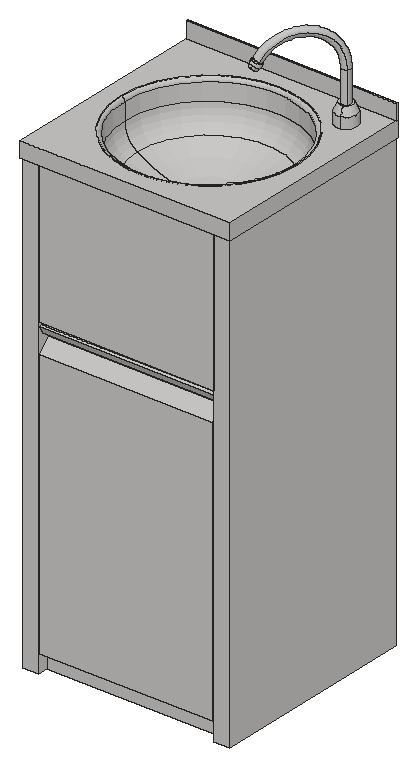
Revit family "QF_ELECTROLUXPROFESSIONAL_132954_NHWSB40", category Attrezzature speciali, Revit 2020
Family settings
  Quota connettore circolare = Usa diametro
  Tipo di parte = Normale
  Basato su piano di lavoro = No
  Sempre verticale = Sì
  Taglio con vuoti quando caricato = No
  Condiviso = No
  Punto di calcolo locali = No
Parameters (values of type "Standard")
  Weight = 20.00 kg
  Watts = 0 W
  Volts = 0 V
  URL Manufacturer = "https://www.electroluxprofessional.com/"
  URL = "https://www.electroluxprofessional.com/"
  Steam Supply Size = 0 mm
  Steam Supply Minimum Pressure = 0.0 Pa
  Steam Supply Maximum Pressure = 0.0 Pa
  Steam Consumption per Hour = 0
  Refrigeration Suction Line Size = 0.0 mm
  Refrigeration Liquid Line Size = 0.0 mm
  Refrigerant Compressor Remote = yes
  Prospetto di default = 0.0 mm
  Phase = 0
  Modello = "NHWSB40"
  Produttore = "Electrolux Professional"
  Length Actual = 400.0 mm  # constant formula
  Item Number = "132954"
  Hot Water Size = 12.7 mm
  Height Actual = 900.0 mm  # constant formula
  HP = "0 HP"
  Gas Size = 0 mm
  Gas KW = 0
  Gas Input Pressure = 0 W
  Direct Waste Size = 139.7 mm
  Descrizione = "FREE-STANDING HAND WASH BASIN WITH WASTE CABINET, KNEE-OPERATED, 1 BOWL, MIXER SPOUT AND DRAIN HOLE"
  Depth Actual = 400.0 mm  # constant formula
  Cycle = 0 Hz
  Condensate Return Size = 0 mm
  Compressed Air Volume = 0.0 L/s
  Compressed Air Size = 0 mm
  Compressed Air Pressure = 0.0 Pa
  Cold Water Size = 12.7 mm
  Accessory = yes
Reference planes
  plane 1 "Center (Front/Back)": y = 0
  plane 2: z = 0
  plane 3 "BACK": y = 200
  plane 4 "FRONT": y = -200
  plane 5 "TOP": z = 900
  plane 6: x = -956.5
  plane 7 "BaseTop": z = 870
  plane 8: x = -556.5
  plane 9 "Center (Left/Right)": x = -756.5
  plane 10 "Drain Z": z = 660
  plane 11: z = 930
  plane 12 "FondoLavello": z = 777.601
  plane 13: y = 145.319
  plane 14: x = -611.483
  plane 15 "DrainX": x = -833.5
Forms (mm)
  Extrusion 1, solid, material "QF_Finishes_Stainless Steel"
    sketch origin (0, 0, 870) x (-1, 0, 0) y (0, -1, 0)
      loop
        line (956.5, -200) -> (956.5, 200) -> (556.5, 200) -> (556.5, -200) -> (956.5, -200)
      loop
        circle (611.483, -145.319) r 9.014
      loop
        circle (756.5, 0) r 168
    from 0 to 30
  Extrusion 2, solid, material "QF_Finishes_Stainless Steel"
    sketch origin (0, 0, 0) x (1, 0, 0) y (0, 1, 0)
      loop
        line (-923.5, 170) -> (-589.5, 170) -> (-589.5, -197) -> (-559.5, -197) -> (-559.5, 200) -> (-953.5, 200) -> (-953.5, -197) -> (-923.5, -197) -> (-923.5, 170)
    from 0 to 870
  Extrusion 3, solid, material "QF_Finishes_Stainless Steel"
    sketch origin (0, 0, 0) x (1, 0, 0) y (0, 1, 0)
      loop
        line (-923.5, 170) -> (-923.5, -177) -> (-589.5, -177) -> (-589.5, 170) -> (-923.5, 170)
    from 0 to 30
  Extrusion 4, solid, material "QF_Finishes_Stainless Steel"
    sketch origin (-756.5, 0, -115) x (0, 0, -1) y (0, -1, 0)
      loop
        line (-710, 172) -> (-150, 172) -> (-150, 197) -> (-660, 197) -> (-682.5, 174.5) -> (-707.5, 174.5) -> (-707.5, 191.722) -> (-706.755, 193.013) -> (-695.76, 186.665) -> (-694.51, 188.83) -> (-707.5, 196.33) -> (-710, 192) -> (-710, 172)
    from -165 to 165
  Extrusion 5, solid, material "QF_Finishes_Stainless Steel"
    sketch origin (-756.5, 0, 0) x (0, 0, -1) y (0, -1, 0)
      loop
        line (-600, 197) -> (-870, 197) -> (-870, 172) -> (-600, 172) -> (-600, 197)
    from -167 to 167
  Extrusion 6, solid, material "QF_Door-Drawer Clearances", detail levels coarse
    sketch origin (-756.5, 0, 0) x (0, 0, -1) y (0, -1, 0)
      loop
        line (-552.609, 357.732) -> (-562.251, 369.223) -> (-566.081, 366.009) -> (-572.921, 347.215)
        arc (-572.921, 347.215) -> (-591.566, 273.23) -> (-594.805, 197) r 373.932
        line (-594.805, 197) -> (-87.113, 197) -> (-517.386, 353.606) -> (-546.225, 340.159) -> (-569.717, 348.709) -> (-563.827, 364.893) -> (-562.685, 365.851) -> (-554.524, 356.125) -> (-552.609, 357.732)
    from -165 to 165
  Revolve 7, solid, material "QF_Finishes_Stainless Steel"
    sketch origin (0, 0, 0) x (1, 0, 0) y (0, 0, 1)
      loop
        arc (-917.53, 893) -> (-919.572, 897.928) -> (-924.5, 899.97) r 6.97
        line (-924.5, 899.97) -> (-924.5, 895) -> (-922.501, 895) -> (-922.501, 859.414)
        arc (-922.501, 859.414) -> (-915.312, 831.717) -> (-895.561, 811.013) r 56.948
        arc (-895.561, 811.013) -> (-840.753, 785.213) -> (-781.505, 772.59) r 263.902
        line (-781.505, 772.59) -> (-781.505, 777.601)
        arc (-781.505, 777.601) -> (-839.395, 790.016) -> (-892.95, 815.258) r 258.912
        arc (-892.95, 815.258) -> (-910.971, 834.149) -> (-917.53, 859.421) r 51.963
        line (-917.53, 859.421) -> (-917.53, 893)
      axis (-756.5, 772.59) -> (-756.5, 899.97)
    angle from 0 to 360
  Extrusion 8, solid, material "QF_Finishes_Stainless Steel"
    sketch origin (0, 0, 777.601) x (-1, 0, 0) y (0, -1, 0)
      loop
        circle (756.5, 0) r 25.005
      loop
        circle (756.5, 0) r 5
      loop
        line (753.407, -8.499) -> (749.22, -20.001)
        arc (749.22, -20.001) -> (756.5, -21.285) -> (763.78, -20.001) r 21.285
        line (763.78, -20.001) -> (759.593, -8.499)
        arc (759.593, -8.499) -> (756.5, -9.045) -> (753.407, -8.499) r 9.045
      loop
        arc (753.407, 8.499) -> (756.5, 9.045) -> (759.593, 8.499) r 9.045
        line (759.593, 8.499) -> (763.78, 20.001)
        arc (763.78, 20.001) -> (756.5, 21.285) -> (749.22, 20.001) r 21.285
        line (749.22, 20.001) -> (753.407, 8.499)
      loop
        line (762.314, -6.929) -> (770.181, -16.305)
        arc (770.181, -16.305) -> (774.933, -10.642) -> (777.461, -3.696) r 21.285
        line (777.461, -3.696) -> (765.407, -1.571)
        arc (765.407, -1.571) -> (764.333, -4.522) -> (762.314, -6.929) r 9.045
      loop
        arc (747.593, 1.571) -> (748.667, 4.522) -> (750.686, 6.929) r 9.045
        line (750.686, 6.929) -> (742.819, 16.305)
        arc (742.819, 16.305) -> (738.067, 10.642) -> (735.539, 3.696) r 21.285
        line (735.539, 3.696) -> (747.593, 1.571)
      loop
        line (765.407, 1.571) -> (777.461, 3.696)
        arc (777.461, 3.696) -> (774.933, 10.642) -> (770.181, 16.305) r 21.285
        line (770.181, 16.305) -> (762.314, 6.929)
        arc (762.314, 6.929) -> (764.333, 4.522) -> (765.407, 1.571) r 9.045
      loop
        arc (750.686, -6.929) -> (748.667, -4.522) -> (747.593, -1.571) r 9.045
        line (747.593, -1.571) -> (735.539, -3.696)
        arc (735.539, -3.696) -> (738.067, -10.642) -> (742.819, -16.305) r 21.285
        line (742.819, -16.305) -> (750.686, -6.929)
    from -5.011 to 0
  Extrusion 9, solid, material "QF_Finishes_Stainless Steel"
    sketch origin (0, 0, 870) x (-1, 0, 0) y (0, -1, 0)
      loop
        circle (620.497, -145.319) r 5
      loop
        circle (602.468, -145.319) r 5
    from 0 to 30
  Extrusion 10, void
    sketch origin (0, 200, 0) x (-1, 0, 0) y (0, 0, 1)
      loop
        circle (833.5, 660) r 22
    from -30 to 0
  Extrusion 11, solid, material "QF_Finishes_Stainless Steel"
    sketch origin (0, 200, 0) x (-1, 0, 0) y (0, 0, 1)
      loop
        circle (833.5, 660) r 20
      loop
        circle (833.5, 660) r 18
    from -30 to 0
  Extrusion 12, solid, material "QF_Finishes_Stainless Steel"
    sketch origin (-756.5, 0, 0) x (0, 0, -1) y (0, -1, 0)
      loop
        line (-930, -200) -> (-900, -200) -> (-900, -197) -> (-930, -197) -> (-930, -200)
    from -200 to 200
Cuts and joins
  Extrusion 10 cuts Extrusion 2
Lines and regions (mm)
  symbolic lines, style "SpecialityEquipment"
    curve 1: line (-956.5, 200, 870) -> (-556.5, 200, 870)
    curve 2: line (-956.5, -200, 870) -> (-956.5, 200, 870)
    curve 3: line (-556.5, -200, 870) -> (-956.5, -200, 870)
    curve 4: line (-556.5, 200, 870) -> (-556.5, -200, 870)
  symbolic lines, style "SpecialityEquipmentHiddenLines"
    curve 5: line (-921.5, -200, 870) -> (-921.5, -369.223, 870)
    curve 6: line (-921.5, -369.223, 870) -> (-591.5, -369.223, 870)
    curve 7: line (-591.5, -369.223, 870) -> (-591.5, -200, 870)
  symbolic lines
    curve 8: arc (-626.646, 106.592, 870) -> (-880.827, -112.99, 870) -> (-638.014, 119.101, 870) r 168
    curve 9: circle (-756.5, 0, 870) r 25.005 normal (0, 0, 1)
    curve 10: circle (-756.5, 0, 870) r 5 normal (0, 0, 1)
    curve 11: arc (-753.407, 8.499, 870) -> (-756.5, 9.045, 870) -> (-759.593, 8.499, 870) r 9.045
    curve 12: line (-749.22, 20.001, 870) -> (-753.407, 8.499, 870)
    curve 13: line (-759.593, 8.499, 870) -> (-763.78, 20.001, 870)
    curve 14: arc (-763.78, 20.001, 870) -> (-756.5, 21.285, 870) -> (-749.22, 20.001, 870) r 21.285
    curve 15: line (-770.181, 16.305, 870) -> (-762.314, 6.929, 870)
    curve 16: line (-765.407, 1.571, 870) -> (-777.461, 3.696, 870)
    curve 17: line (-777.461, -3.696, 870) -> (-765.407, -1.571, 870)
    curve 18: line (-762.314, -6.929, 870) -> (-770.181, -16.305, 870)
    curve 19: line (-763.78, -20.001, 870) -> (-759.593, -8.499, 870)
    curve 20: line (-753.407, -8.499, 870) -> (-749.22, -20.001, 870)
    curve 21: line (-742.819, -16.305, 870) -> (-750.686, -6.929, 870)
    curve 22: line (-747.593, -1.571, 870) -> (-735.539, -3.696, 870)
    curve 23: line (-735.539, 3.696, 870) -> (-747.593, 1.571, 870)
    curve 24: line (-750.686, 6.929, 870) -> (-742.819, 16.305, 870)
    curve 25: arc (-742.819, 16.305, 870) -> (-738.067, 10.642, 870) -> (-735.539, 3.696, 870) r 21.285
    curve 26: arc (-747.593, 1.571, 870) -> (-748.667, 4.522, 870) -> (-750.686, 6.929, 870) r 9.045
    curve 27: arc (-750.686, -6.929, 870) -> (-748.667, -4.522, 870) -> (-747.593, -1.571, 870) r 9.045
    curve 28: arc (-735.539, -3.696, 870) -> (-738.067, -10.642, 870) -> (-742.819, -16.305, 870) r 21.285
    curve 29: arc (-749.22, -20.001, 870) -> (-756.5, -21.285, 870) -> (-763.78, -20.001, 870) r 21.285
    curve 30: arc (-759.593, -8.499, 870) -> (-756.5, -9.045, 870) -> (-753.407, -8.499, 870) r 9.045
    curve 31: arc (-765.407, -1.571, 870) -> (-764.333, -4.522, 870) -> (-762.314, -6.929, 870) r 9.045
    curve 32: arc (-770.181, -16.305, 870) -> (-774.933, -10.642, 870) -> (-777.461, -3.696, 870) r 21.285
    curve 33: arc (-762.314, 6.929, 870) -> (-764.333, 4.522, 870) -> (-765.407, 1.571, 870) r 9.045
    curve 34: arc (-777.461, 3.696, 870) -> (-774.933, 10.642, 870) -> (-770.181, 16.305, 870) r 21.285
    curve 35: line (-956.5, 197, 870) -> (-556.5, 197, 870)
Dimensions and locks
  plane 3 "BACK" to plane 4 "FRONT" = 400.0 mm
  equal spacing: plane 3 "BACK", plane 1 "Center (Front/Back)", plane 4 "FRONT"
  plane 5 "TOP" to level = 900.0 mm
  equal spacing: plane 6, plane 9 "Center (Left/Right)", plane 8
  locked: plane 6 to plane 8 at 400
  plane 10 "Drain Z" to level = 660.0 mm
  plane 11 to plane 5 "TOP" = 30.0 mm
  plane 6 to plane 15 "DrainX" = 123.0 mm
  aligned and locked: level to plane 2
  aligned and locked: plane 5 "TOP" to Extrusion 1
  aligned and locked: plane 7 "BaseTop" to Extrusion 2
Automatic sketch dimensions
  Extrusion 1 sketch curve to plane 3 "BACK" = 0.0 mm
  Extrusion 1 sketch curve to plane 8 = 0.0 mm
  Extrusion 1 sketch curve to plane 4 "FRONT" = 0.0 mm
  Extrusion 1 sketch curve to plane 6 = 0.0 mm
  plane 8 to Extrusion 1 sketch curve = 54.983 mm
  Extrusion 1 sketch curve to plane 3 "BACK" = 54.681 mm
  Extrusion 2 sketch curve to plane 3 "BACK" = 0.0 mm
  plane 6 to Extrusion 2 sketch curve = 33.0 mm
  plane 8 to Extrusion 2 sketch curve = 33.0 mm
  plane 8 to Extrusion 2 sketch curve = 3.0 mm
  Extrusion 2 sketch curve to plane 3 "BACK" = 30.0 mm
  plane 4 "FRONT" to Extrusion 2 sketch curve = 3.0 mm  (x2)
  plane 6 to Extrusion 2 sketch curve = 3.0 mm
  plane 4 "FRONT" to Extrusion 3 sketch curve = 23.0 mm
  plane 6 to Extrusion 3 sketch curve = 33.0 mm
  plane 8 to Extrusion 3 sketch curve = 33.0 mm
  Extrusion 3 sketch curve to plane 3 "BACK" = 30.0 mm
  level to Extrusion 4 sketch curve = 595.0 mm
  Extrusion 4 sketch curve to Extrusion 4 sketch curve = 2.5 mm  (x2)
  Extrusion 4 sketch curve to Extrusion 4 sketch curve = 11.74 mm
  Extrusion 4 sketch curve to Extrusion 4 sketch curve = 1.25 mm
  Extrusion 4 sketch curve to Extrusion 4 sketch curve = 34.51 mm
  level to Extrusion 4 sketch curve = 35.0 mm
  plane 4 "FRONT" to Extrusion 4 sketch curve = 28.0 mm
  Extrusion 4 sketch curve to Extrusion 4 sketch curve = 25.0 mm
  Extrusion 4 sketch curve to Extrusion 4 sketch curve = 0.745 mm
  Extrusion 4 sketch curve to Extrusion 4 sketch curve = 13.26 mm
  Extrusion 4 sketch curve to Extrusion 4 sketch curve = 12.165 mm
  Extrusion 4 sketch curve to Extrusion 4 sketch curve = 1.291 mm
  Extrusion 4 sketch curve to Extrusion 4 sketch curve = 0.278 mm
  Extrusion 5 sketch curve to plane 7 "BaseTop" = 0.0 mm
  plane 4 "FRONT" to Extrusion 5 sketch curve = 28.0 mm
  Extrusion 5 sketch curve to plane 10 "Drain Z" = 60.0 mm
  plane 4 "FRONT" to Extrusion 5 sketch curve = 3.0 mm
  plane 1 "Center (Front/Back)" to Extrusion 1 sketch curve = 0.0 mm
  Extrusion 1 sketch curve to plane 9 "Center (Left/Right)" = 0.0 mm
  Extrusion 6 sketch curve to plane 10 "Drain Z" = 90.283 mm
  Extrusion 6 sketch curve to Extrusion 6 sketch curve = 3.636 mm
  Extrusion 6 sketch curve to Extrusion 6 sketch curve = 2.254 mm
  Extrusion 6 sketch curve to Extrusion 6 sketch curve = 1.142 mm
  Extrusion 6 sketch curve to Extrusion 6 sketch curve = 0.434 mm
  Extrusion 6 sketch curve to Extrusion 6 sketch curve = 8.161 mm
  Extrusion 6 sketch curve to Extrusion 6 sketch curve = 1.915 mm
  Extrusion 6 sketch curve to Extrusion 6 sketch curve = 8.299 mm
  Extrusion 6 sketch curve to Extrusion 6 sketch curve = 28.839 mm
  Extrusion 6 sketch curve to plane 4 "FRONT" = 19.323 mm
  level to Extrusion 6 sketch curve = 221.54 mm
  plane 4 "FRONT" to Extrusion 6 sketch curve = 3.0 mm
  level to Extrusion 6 sketch curve = 87.113 mm
  Extrusion 6 sketch curve to plane 4 "FRONT" = 140.159 mm
  Extrusion 6 sketch curve to Extrusion 6 sketch curve = 8.551 mm
  Extrusion 6 sketch curve to Extrusion 6 sketch curve = 13.448 mm
  Extrusion 6 sketch curve to Extrusion 6 sketch curve = 8.768 mm
  Extrusion 6 sketch curve to Extrusion 6 sketch curve = 3.204 mm
  Extrusion 6 sketch curve to plane 10 "Drain Z" = 65.195 mm
  Revolve 7 sketch curve to plane 5 "TOP" = 0.03 mm
  plane 9 "Center (Left/Right)" to Revolve 7 sketch curve = 0.0 mm
  plane 9 "Center (Left/Right)" to Revolve 7 sketch curve = 0.002 mm
  Revolve 7 sketch curve to Revolve 7 sketch curve = 0.011 mm
  plane 9 "Center (Left/Right)" to Revolve 7 sketch curve = 25.005 mm
  Revolve 7 sketch curve to plane 7 "BaseTop" = 10.586 mm
  plane 6 to Revolve 7 sketch curve = 90.947 mm
  Revolve 7 sketch curve to Revolve 7 sketch curve = 0.015 mm
  Revolve 7 sketch curve to plane 7 "BaseTop" = 10.579 mm
  plane 6 to Revolve 7 sketch curve = 38.97 mm
  Revolve 7 sketch curve to Revolve 7 sketch curve = 4.971 mm
  Revolve 7 sketch curve to Revolve 7 sketch curve = 1.999 mm
  Revolve 7 sketch curve to plane 7 "BaseTop" = 92.399 mm
  Revolve 7 sketch curve to Revolve 7 sketch curve = 5.011 mm
  plane 11 to Revolve 7 sketch curve = 105.304 mm
  Revolve 7 sketch curve to Revolve 7 sketch curve = 0.001 mm
  plane 10 "Drain Z" to Revolve 7 sketch curve = 25.0 mm
  Revolve 7 sketch curve to Revolve 7 sketch curve = 15.304 mm
  Revolve 7 sketch curve to Revolve 7 sketch curve = 2.0 mm
  Extrusion 8 sketch curve to Extrusion 8 sketch curve = 0.0 mm  (x186)
  plane 1 "Center (Front/Back)" to Extrusion 8 sketch curve = 0.0 mm
  Extrusion 8 sketch curve to plane 9 "Center (Left/Right)" = 0.0 mm
  Extrusion 8 sketch curve to plane 9 "Center (Left/Right)" = 3.093 mm  (x2)
  Extrusion 8 sketch curve to Extrusion 8 sketch curve = 2.72 mm  (x4)
  Extrusion 8 sketch curve to plane 9 "Center (Left/Right)" = 7.28 mm  (x2)
  plane 1 "Center (Front/Back)" to Extrusion 8 sketch curve = 1.571 mm  (x2)
  Extrusion 8 sketch curve to Extrusion 8 sketch curve = 3.093 mm  (x2)
  Extrusion 8 sketch curve to plane 1 "Center (Front/Back)" = 1.571 mm  (x2)
  Extrusion 8 sketch curve to Extrusion 8 sketch curve = 6.402 mm  (x4)
  Extrusion 8 sketch curve to plane 1 "Center (Front/Back)" = 3.696 mm  (x2)
  Extrusion 8 sketch curve to Extrusion 8 sketch curve = 12.054 mm  (x2)
  plane 1 "Center (Front/Back)" to Extrusion 8 sketch curve = 3.696 mm  (x2)
  plane 9 "Center (Left/Right)" to Extrusion 8 sketch curve = 3.093 mm  (x2)
  plane 9 "Center (Left/Right)" to Extrusion 8 sketch curve = 7.28 mm  (x2)
  Extrusion 8 sketch curve to Extrusion 8 sketch curve = 3.696 mm  (x2)
  Extrusion 8 sketch curve to Extrusion 8 sketch curve = 1.571 mm  (x2)
  Extrusion 9 sketch curve to plane 13 = 0.0 mm  (x2)
  Extrusion 9 sketch curve to plane 14 = 9.014 mm
  plane 14 to Extrusion 9 sketch curve = 9.014 mm
  Extrusion 10 sketch curve to plane 10 "Drain Z" = 0.0 mm
  Extrusion 10 sketch curve to plane 15 "DrainX" = 0.0 mm
  Extrusion 11 sketch curve to plane 10 "Drain Z" = 0.0 mm
  Extrusion 11 sketch curve to plane 15 "DrainX" = 0.0 mm
  Extrusion 11 sketch curve to Extrusion 11 sketch curve = 0.0 mm  (x2)
  Extrusion 12 sketch curve to plane 11 = 0.0 mm
  Extrusion 12 sketch curve to plane 5 "TOP" = 0.0 mm
  Extrusion 12 sketch curve to plane 3 "BACK" = 0.0 mm
  Extrusion 12 sketch curve to Extrusion 12 sketch curve = 3.0 mm
  curve 8 to curve 9 = 0.0 mm  (x2)
  curve 8 to curve 10 = 0.0 mm  (x2)
  curve 8 to curve 11 = 0.0 mm
  curve 9 to curve 14 = 0.0 mm
  curve 11 to curve 14 = 0.0 mm  (x2)
  curve 11 to curve 25 = 0.0 mm  (x2)
  curve 11 to curve 26 = 0.0 mm  (x2)
  curve 26 to curve 34 = 0.0 mm  (x2)
  curve 27 to curve 34 = 0.0 mm  (x2)
  curve 28 to curve 34 = 0.0 mm  (x2)
  curve 29 to curve 34 = 0.0 mm  (x2)
  curve 30 to curve 34 = 0.0 mm  (x2)
  curve 31 to curve 34 = 0.0 mm  (x2)
  curve 32 to curve 34 = 0.0 mm  (x2)
  curve 33 to curve 34 = 0.0 mm  (x2)
  curve 1 to plane 3 "BACK" = 0.0 mm
  curve 1 to plane 8 = 0.0 mm
  curve 7 to plane 4 "FRONT" = 0.0 mm
  plane 1 "Center (Front/Back)" to curve 32 = 0.0 mm
  curve 32 to plane 9 "Center (Left/Right)" = 0.0 mm
  curve 35 to plane 6 = 0.0 mm
  curve 6 to plane 14 = 19.983 mm
  curve 23 to plane 1 "Center (Front/Back)" = 3.696 mm
  curve 23 to plane 9 "Center (Left/Right)" = 20.961 mm
  plane 1 "Center (Front/Back)" to curve 22 = 3.696 mm
  curve 22 to curve 25 = 0.0 mm
  curve 21 to plane 9 "Center (Left/Right)" = 13.681 mm
  curve 24 to plane 9 "Center (Left/Right)" = 13.681 mm
  plane 1 "Center (Front/Back)" to curve 22 = 1.571 mm
  curve 22 to plane 9 "Center (Left/Right)" = 8.907 mm
  curve 23 to plane 1 "Center (Front/Back)" = 1.571 mm
  curve 23 to curve 27 = 0.0 mm
  curve 12 to plane 9 "Center (Left/Right)" = 7.28 mm
  curve 20 to plane 9 "Center (Left/Right)" = 7.28 mm
  curve 21 to plane 9 "Center (Left/Right)" = 5.814 mm
  curve 24 to plane 9 "Center (Left/Right)" = 5.814 mm
  curve 20 to plane 9 "Center (Left/Right)" = 3.093 mm
  curve 12 to plane 9 "Center (Left/Right)" = 3.093 mm
  plane 9 "Center (Left/Right)" to curve 13 = 3.093 mm
  plane 9 "Center (Left/Right)" to curve 19 = 3.093 mm
  curve 30 to curve 18 = 2.72 mm
  curve 11 to curve 15 = 2.72 mm
  plane 9 "Center (Left/Right)" to curve 19 = 7.28 mm
  plane 9 "Center (Left/Right)" to curve 13 = 7.28 mm
  curve 16 to plane 1 "Center (Front/Back)" = 1.571 mm
  curve 33 to curve 16 = 3.093 mm
  plane 1 "Center (Front/Back)" to curve 17 = 1.571 mm
  curve 17 to curve 16 = 0.0 mm
  curve 14 to curve 15 = 6.402 mm
  curve 29 to curve 18 = 6.402 mm
  plane 1 "Center (Front/Back)" to curve 17 = 3.696 mm
  curve 31 to curve 17 = 12.054 mm
  curve 16 to plane 1 "Center (Front/Back)" = 3.696 mm
  curve 16 to curve 17 = 0.0 mm
  plane 6 to curve 6 = 35.0 mm
  curve 12 to curve 25 = 3.696 mm
  curve 13 to curve 15 = 1.571 mm
  curve 18 to curve 19 = 1.571 mm
  curve 18 to curve 19 = 3.696 mm
  curve 7 to curve 6 = 169.223 mm
  plane 14 to curve 8 = 15.163 mm
  curve 8 to curve 8 = 11.368 mm
  curve 35 to plane 3 "BACK" = 3.0 mm
  curve 8 to plane 13 = 26.218 mm
  radius of Extrusion 1 sketch curve = 9.014 mm
  radius of Extrusion 1 sketch curve = 168.0 mm
  radius of Extrusion 8 sketch curve = 25.005 mm
  radius of Extrusion 8 sketch curve = 5.0 mm
  radius of Extrusion 9 sketch curve = 5.0 mm  (x2)
  radius of Extrusion 10 sketch curve = 22.0 mm
  radius of Extrusion 11 sketch curve = 20.0 mm
  radius of Extrusion 11 sketch curve = 18.0 mm
  radius of curve 9 = 25.005 mm
  radius of curve 10 = 5.0 mm
Nested families
  nested 1: "SINK_Misc" at (-611.483, 146.494, 900) x (0.848, -0.5299, 0) z (0, 0, 1), type "SINK_Misc"
Connectors
  piping at (-620.497, 145.319, 870), diameter 12.7, driven by "Hot Water Size"
    settings: on Extrusion 9, index 1, connector inside diameter 609.6 mm, connector length 0.0 mm, flow factor 0, pipe flow 0.0 L/s, pressure drop 0.0 Pa, fitting loss kfactor 0, connector angle 0.00°, fixture units 0, engagement length 0.0 mm, angle of deflection 0.00°, flow configuration 1, flow direction 1, fitting loss method 0, system type 20, joint type 0, gender type 0, connector reference index -1, connector utility 0, adjustable connector no, is connector primary yes, connector description "Hot Water Inlet"
  piping at (-602.468, 145.319, 870), diameter 12.7, driven by "Cold Water Size"
    settings: on Extrusion 9, index 2, connector inside diameter 609.6 mm, connector length 0.0 mm, flow factor 0, pipe flow 0.0 L/s, pressure drop 0.0 Pa, fitting loss kfactor 0, connector angle 0.00°, fixture units 0, engagement length 0.0 mm, angle of deflection 0.00°, flow configuration 1, flow direction 1, fitting loss method 0, system type 20, joint type 0, gender type 0, connector reference index -1, connector utility 0, adjustable connector no, is connector primary no, connector description "Cold Water Inlet"
  piping at (-833.5, 200, 660), diameter 139.7, driven by "Direct Waste Size"
    settings: on Extrusion 11, index 3, connector inside diameter 609.6 mm, connector length 0.0 mm, flow factor 0, pipe flow 0.0 L/s, pressure drop 0.0 Pa, fitting loss kfactor 0, connector angle 0.00°, fixture units 0, engagement length 0.0 mm, angle of deflection 0.00°, flow configuration 1, flow direction 2, fitting loss method 0, system type 16, joint type 0, gender type 0, connector reference index -1, connector utility 0, adjustable connector no, is connector primary no, connector description "Drain"
Definition of nested family "SINK_Misc"
  Parameters
    Default Elevation = 0.0 mm
  Reference planes
    plane 1 "Center (Front/Back)": y = 0
    plane 2: z = 0
    plane 3 "Center (Left/Right)": x = 0
    plane 4: z = 132.417
    plane 5: y = -140
  Forms (mm)
    Revolve 1, solid
      sketch origin (0, 0, 0) x (0.707107, -0.707107, 0) y (0, 0, 1)
        loop
          line (0, 0) -> (0, 35) -> (-13.322, 35) -> (-20, 20) -> (-20, 0) -> (0, 0)
        axis (0, 35) -> (0, 0)
      angle from 0 to 360
    Sweep 2, solid
      path origin (0, 0, 70) x (0, 1, 0) y (0, 0, 1)
        loop
          line (0, -35) -> (0, 25)
          arc (0, 25) -> (-55.635, 97.457) -> (-140, 62.417) r 75
      profile origin (0, 0, 65) x (0, -1, 0) y (1, 0, 0)
        loop
          circle (0, 0) r 8
    Revolve 3, solid
      sketch origin (0, 29.771, -274.217) x (0, 0.866667, -0.498887) y (0, 0.498887, 0.866667)
        loop
          line (-340.351, 259.648) -> (-340.351, 265.557)
          arc (-340.351, 265.557) -> (-340.776, 266.459) -> (-341.572, 267.059) r 2.074
          line (-341.572, 267.059) -> (-341.999, 267.719) -> (-349.999, 267.719) -> (-349.999, 253.002) -> (-343.599, 253.002)
          arc (-343.599, 253.002) -> (-342.92, 253.216) -> (-342.486, 253.782) r 1.185
          line (-342.486, 253.782) -> (-340.351, 259.648)
        axis (-349.999, 267.719) -> (-349.999, 253.002)
      angle from 0 to 360
  Lines and regions (mm)
    symbolic lines
      curve 1: arc (-8, -18.33, 0) -> (0, 20, 0) -> (8, -18.33, 0) r 20
      curve 2: arc (8, -10.652, 0) -> (0, 13.322, 0) -> (-8, -10.652, 0) r 13.322
      curve 3: spline (8, -140, 0) -> (7.727, -141.794, 0) -> (6.928, -143.467, 0) -> (5.657, -144.903, 0) -> (4, -146.004, 0) -> (2.071, -146.697, 0) -> (0, -146.933, 0) -> (-2.071, -146.697, 0) -> (-4, -146.004, 0) -> (-5.657, -144.903, 0) -> (-6.928, -143.467, 0) -> (-7.727, -141.794, 0) -> (-8, -140, 0)
      curve 4: spline (-8, -136.404, 0) -> (-9.389, -139.151, 0) -> (-9.57, -142.147, 0) -> (-8.519, -145.005, 0) -> (-6.372, -147.358, 0) -> (-3.405, -148.903, 0) -> (0, -149.441, 0) -> (3.405, -148.903, 0) -> (6.372, -147.358, 0) -> (8.519, -145.005, 0) -> (9.57, -142.147, 0) -> (9.389, -139.151, 0) -> (8, -136.404, 0)
      curve 5: spline (9.649, -144.027, 0) -> (9.32, -146.191, 0) -> (8.356, -148.208, 0) -> (6.823, -149.939, 0) -> (4.824, -151.268, 0) -> (2.497, -152.104, 0) -> (0, -152.389, 0) -> (-2.497, -152.104, 0) -> (-4.824, -151.268, 0) -> (-6.823, -149.939, 0) -> (-8.356, -148.208, 0) -> (-9.32, -146.191, 0) -> (-9.649, -144.027, 0)
      curve 6: line (8, 0, 0) -> (8, -140, 0)
      curve 7: line (-8, 0, 0) -> (-8, -140, 0)
      curve 8: line (9.649, -141.079, 0) -> (9.649, -144.027, 0)
      curve 9: line (-9.649, -141.079, 0) -> (-9.649, -144.027, 0)
      curve 10: arc (-8, 0, 0) -> (0, 8, 0) -> (8, 0, 0) r 8
  Dimensions and locks
    plane 1 "Center (Front/Back)" to plane 5 = 140.0 mm
    aligned and locked: level to plane 2
